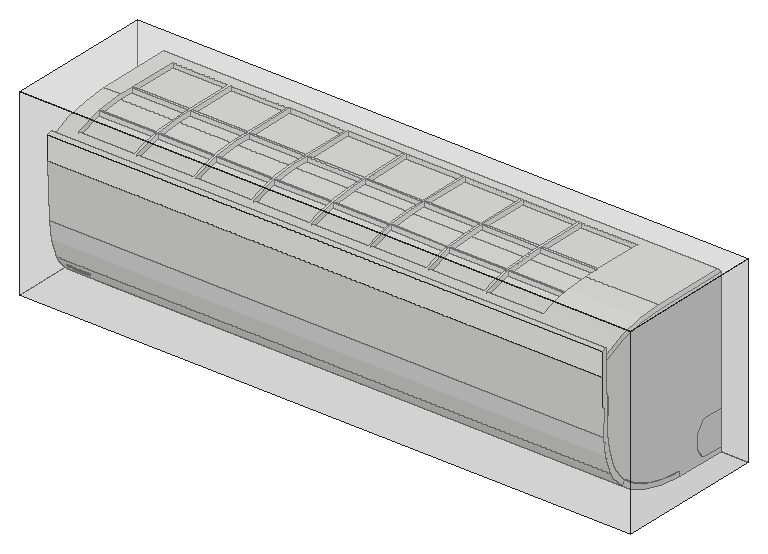
Revit family "outputfile", category 機械設備, Revit 2024 (continued)
Definition of nested family "DAIKIN_indoorunit_CTXF-TVMA"
  Automatic sketch dimensions
    Extrusion 21 sketch curve to Extrusion 21 sketch curve = 4.137 mm
    Extrusion 21 sketch curve to Extrusion 21 sketch curve = 31.393 mm
    Extrusion 21 sketch curve to Extrusion 21 sketch curve = 9.215 mm
    Extrusion 21 sketch curve to level = 8.0 mm
    Extrusion 22 sketch curve to plane 1 "Center (Front/Back)" = 0.0 mm
    Extrusion 22 sketch curve to Extrusion 22 sketch curve = 20.0 mm  (x2)
    Extrusion 22 sketch curve to level = 287.035 mm
    Extrusion 23 sketch curve to plane 1 "Center (Front/Back)" = 0.0 mm
    Extrusion 23 sketch curve to Extrusion 23 sketch curve = 20.0 mm  (x2)
    Extrusion 23 sketch curve to level = 287.035 mm
    plane 1 "Center (Front/Back)" to Extrusion 24 sketch curve = 0.0 mm  (x2)
    plane 3 "Center (Left/Right)" to Extrusion 24 sketch curve = 469.0 mm
    Extrusion 24 sketch curve to Extrusion 24 sketch curve = 20.0 mm  (x4)
    Extrusion 24 sketch curve to plane 3 "Center (Left/Right)" = 409.0 mm
  Nested families
    nested 1: "daikin_logo_plane_w40" at (-320, -198.871, -233.244) x (1, 0, 0) z (0, -0.7841, -0.6206), visible <- "switch_unit1_20-35", type "daikin_logo_plane_w40"
      with show_logo yes
    nested 2: "daikin_logo_plane_w40" at (-430, -237.74, -233.244) x (1, 0, 0) z (0, -0.7841, -0.6206), visible <- "switch_unit1_50", type "daikin_logo_plane_w40"
      with show_logo yes
  Definition of nested family "daikin_logo_plane_w40"
    Parameters (values of type "daikin_logo_plane_w40")
      width = 40.0 mm
      show_logo [instance] = yes
      material = none
      height = 0.0 mm
      depth = 0.0 mm
      Default Elevation = 1219.2 mm
    Reference planes
      plane 1 "Center (Front/Back)": y = 0
      plane 2: z = 0
      plane 3 "Center (Left/Right)": x = 0
      plane 4: z = 2
      plane 5 "left": x = -19
      plane 6: x = 19
    Forms (mm)
      Extrusion 1, solid, visible <- "show_logo"
        sketch origin (-19, 0, 0) x (1, 0, 0) y (0, 1, 0)
          loop
            line (8.902, -1.878) -> (7.789, -6.332) -> (11.13, -6.332)
            arc (11.13, -6.332) -> (12.454, -6.064) -> (13.472, -5.176) r 2.642
            arc (13.472, -5.176) -> (13.92, -4.02) -> (13.767, -2.79) r 2.537
            arc (13.767, -2.79) -> (13.452, -2.342) -> (12.982, -2.06) r 1.321
            arc (12.982, -2.06) -> (12.063, -1.902) -> (11.13, -1.878) r 6.479
            line (11.13, -1.878) -> (8.902, -1.878)
          loop
            line (10.016, -5.441) -> (10.907, -5.441)
            arc (10.907, -5.441) -> (11.591, -4.983) -> (11.988, -4.261) r 1.742
            spline (11.988, -4.261) -> (12.01, -4.155) -> (12.027, -4.03) -> (12.037, -3.893) -> (12.037, -3.747) -> (12.026, -3.598) -> (12.002, -3.451) -> (11.962, -3.31) -> (11.905, -3.181) -> (11.829, -3.069) -> (11.731, -2.978) -> (11.61, -2.913) -> (11.464, -2.88)
            line (11.464, -2.88) -> (10.573, -2.88) -> (10.016, -5.441)
          loop
            line (13.58, -6.332) -> (14.805, -6.332) -> (15.223, -5.553) -> (16.977, -5.553) -> (17.144, -6.332) -> (19.149, -6.332) -> (18.258, -1.878) -> (16.03, -1.878) -> (13.58, -6.332)
          loop
            line (16.476, -3.214) -> (15.76, -4.551) -> (16.762, -4.551) -> (16.476, -3.214)
          loop
            line (19.705, -6.332) -> (21.599, -6.332) -> (22.712, -1.878) -> (20.819, -1.878) -> (19.705, -6.332)
          loop
            line (22.712, -6.332) -> (24.606, -6.332) -> (24.908, -5.122) -> (25.831, -6.332) -> (28.17, -6.332) -> (26.388, -3.994) -> (28.949, -1.878) -> (26.945, -1.878) -> (25.401, -3.153) -> (25.719, -1.878) -> (23.826, -1.878) -> (22.712, -6.332)
          loop
            line (29.84, -1.878) -> (28.615, -6.332) -> (30.62, -6.332) -> (31.734, -1.878) -> (29.84, -1.878)
          loop
            line (31.734, -6.332) -> (33.07, -6.332) -> (33.7, -3.814) -> (34.518, -6.332) -> (36.745, -6.332) -> (37.859, -1.878) -> (36.523, -1.878) -> (35.845, -4.589) -> (34.963, -1.878) -> (32.847, -1.878) -> (31.734, -6.332)
        from 0 to 2
      Extrusion 2, solid, visible <- "show_logo"
        sketch origin (-19, 0, 0) x (1, 0, 0) y (0, 1, 0)
          loop
            line (8.7, 0) -> (4.235, 0) -> (0, -3.879) -> (0, -8) -> (8.7, 0)
        from 0 to 2
      Extrusion 3, solid, visible <- "show_logo"
        sketch origin (-19, 0, 0) x (1, 0, 0) y (0, 1, 0)
          loop
            line (0, 0) -> (0, -3.879) -> (4.235, 0) -> (0, 0)
        from 0 to 2
    Dimensions and locks
      plane 4 to plane 2 = 2.0 mm
      equal spacing: plane 5 "left", plane 3 "Center (Left/Right)", plane 6
      locked: plane 5 "left" to plane 6 at 38
      aligned and locked: level to plane 2
      aligned and locked: Extrusion 3 to plane 1 "Center (Front/Back)"  (x2)
      aligned and locked: Extrusion 2 to plane 1 "Center (Front/Back)"  (x2)
      aligned and locked: plane 4 to Extrusion 1
      aligned and locked: plane 4 to Extrusion 3
      aligned and locked: plane 4 to Extrusion 2
      aligned and locked: Extrusion 3 to plane 5 "left"
      aligned and locked: Extrusion 2 to plane 5 "left"
    Automatic sketch dimensions
      Extrusion 1 sketch curve to Extrusion 1 sketch curve = 0.901 mm
      Extrusion 1 sketch curve to Extrusion 1 sketch curve = 1.559 mm
      Extrusion 1 sketch curve to Extrusion 1 sketch curve = 1.327 mm
      Extrusion 1 sketch curve to Extrusion 1 sketch curve = 2.145 mm
      Extrusion 1 sketch curve to Extrusion 1 sketch curve = 1.448 mm
      Extrusion 1 sketch curve to Extrusion 1 sketch curve = 2.116 mm
      Extrusion 1 sketch curve to Extrusion 1 sketch curve = 1.114 mm  (x4)
      Extrusion 1 sketch curve to Extrusion 1 sketch curve = 1.336 mm  (x2)
      plane 1 "Center (Front/Back)" to Extrusion 1 sketch curve = 1.878 mm  (x5)
      Extrusion 1 sketch curve to Extrusion 1 sketch curve = 1.893 mm  (x5)
      Extrusion 1 sketch curve to Extrusion 1 sketch curve = 0.891 mm  (x4)
      Extrusion 1 sketch curve to Extrusion 1 sketch curve = 2.005 mm  (x3)
      Extrusion 1 sketch curve to Extrusion 1 sketch curve = 0.445 mm  (x2)
      plane 1 "Center (Front/Back)" to Extrusion 1 sketch curve = 3.994 mm
      Extrusion 1 sketch curve to Extrusion 1 sketch curve = 0.557 mm  (x2)
      Extrusion 1 sketch curve to Extrusion 1 sketch curve = 2.339 mm  (x2)
      Extrusion 1 sketch curve to Extrusion 1 sketch curve = 1.225 mm  (x3)
      plane 1 "Center (Front/Back)" to Extrusion 1 sketch curve = 3.153 mm
      Extrusion 1 sketch curve to Extrusion 1 sketch curve = 0.987 mm
      plane 1 "Center (Front/Back)" to Extrusion 1 sketch curve = 5.122 mm
      Extrusion 1 sketch curve to Extrusion 1 sketch curve = 0.922 mm
      plane 1 "Center (Front/Back)" to Extrusion 1 sketch curve = 6.332 mm
      Extrusion 1 sketch curve to Extrusion 1 sketch curve = 2.562 mm
      plane 1 "Center (Front/Back)" to Extrusion 1 sketch curve = 5.553 mm
      Extrusion 1 sketch curve to Extrusion 1 sketch curve = 0.167 mm
      Extrusion 1 sketch curve to Extrusion 1 sketch curve = 0.215 mm
      plane 1 "Center (Front/Back)" to Extrusion 1 sketch curve = 3.214 mm
      Extrusion 1 sketch curve to Extrusion 1 sketch curve = 0.286 mm
      plane 1 "Center (Front/Back)" to Extrusion 1 sketch curve = 4.551 mm
      Extrusion 1 sketch curve to Extrusion 1 sketch curve = 1.002 mm
      Extrusion 1 sketch curve to Extrusion 1 sketch curve = 0.537 mm
      Extrusion 1 sketch curve to Extrusion 1 sketch curve = 0.418 mm
      Extrusion 1 sketch curve to Extrusion 1 sketch curve = 1.028 mm
      plane 1 "Center (Front/Back)" to Extrusion 1 sketch curve = 4.261 mm
      Extrusion 1 sketch curve to Extrusion 1 sketch curve = 0.563 mm
      plane 1 "Center (Front/Back)" to Extrusion 1 sketch curve = 2.88 mm
      Extrusion 1 sketch curve to Extrusion 1 sketch curve = 1.088 mm
      Extrusion 1 sketch curve to Extrusion 1 sketch curve = 2.152 mm
      Extrusion 1 sketch curve to Extrusion 1 sketch curve = 0.586 mm
      Extrusion 1 sketch curve to Extrusion 1 sketch curve = 0.118 mm
      Extrusion 1 sketch curve to Extrusion 1 sketch curve = 0.298 mm
      Extrusion 1 sketch curve to Extrusion 1 sketch curve = 0.334 mm
      Extrusion 1 sketch curve to Extrusion 1 sketch curve = 0.223 mm
      Extrusion 1 sketch curve to Extrusion 1 sketch curve = 0.266 mm
      Extrusion 1 sketch curve to Extrusion 1 sketch curve = 1.671 mm
      Extrusion 1 sketch curve to Extrusion 1 sketch curve = 2.227 mm
      Extrusion 1 sketch curve to Extrusion 1 sketch curve = 0.0 mm  (x7)
      Extrusion 1 sketch curve to Extrusion 1 sketch curve = 3.453 mm
      Extrusion 1 sketch curve to Extrusion 1 sketch curve = 2.017 mm
      Extrusion 1 sketch curve to Extrusion 1 sketch curve = 0.78 mm  (x2)
      Extrusion 1 sketch curve to Extrusion 1 sketch curve = 1.743 mm
      Extrusion 1 sketch curve to Extrusion 1 sketch curve = 0.775 mm
      Extrusion 1 sketch curve to Extrusion 1 sketch curve = 0.552 mm
      Extrusion 1 sketch curve to Extrusion 1 sketch curve = 0.014 mm
      Extrusion 1 sketch curve to Extrusion 1 sketch curve = 0.952 mm
      Extrusion 1 sketch curve to Extrusion 1 sketch curve = 1.215 mm
      Extrusion 1 sketch curve to Extrusion 1 sketch curve = 0.108 mm
      plane 1 "Center (Front/Back)" to Extrusion 2 sketch curve = 0.0 mm
      Extrusion 2 sketch curve to plane 3 "Center (Left/Right)" = 19.0 mm
      Extrusion 2 sketch curve to plane 3 "Center (Left/Right)" = 14.765 mm
      Extrusion 2 sketch curve to Extrusion 2 sketch curve = 4.465 mm
      plane 1 "Center (Front/Back)" to Extrusion 2 sketch curve = 3.879 mm
      Extrusion 2 sketch curve to Extrusion 2 sketch curve = 4.12 mm
      plane 1 "Center (Front/Back)" to Extrusion 3 sketch curve = 0.0 mm
      Extrusion 3 sketch curve to plane 3 "Center (Left/Right)" = 19.0 mm
      Extrusion 3 sketch curve to plane 3 "Center (Left/Right)" = 14.765 mm
      plane 1 "Center (Front/Back)" to Extrusion 3 sketch curve = 3.879 mm
      Extrusion 1 sketch curve to plane 3 "Center (Left/Right)" = 11.211 mm
      Extrusion 1 sketch curve to Extrusion 1 sketch curve = 1.782 mm
Definition of nested family "daikin_connector_rotate3"
  Parameters (values of type "daikin_connector_rotate3")
    show [instance] = yes
    radius [instance] = 10.0 mm
    length [instance] = 600.0 mm
    angle_horizontal [instance] = 60.00°
    angle_vertical [instance] = 90.00°
    Default Elevation = 1219.2 mm
  Reference planes
    plane 1 "Center (Front/Back)": y = 0
    plane 2: z = 0
    plane 3 "Center (Left/Right)": x = 0
  Dimensions and locks
    "angle_horizontal": angle plane 3 "Center (Left/Right)" to nested 1
    aligned and locked: level to plane 2
    aligned and locked: plane 1 "Center (Front/Back)" to nested 1  (x2)
    aligned and locked: plane 3 "Center (Left/Right)" to nested 1
  Nested families
    nested 1: "daikin_connector_rotate2" at (0, 0, 0) x (0.5, 0.866, 0) z (0, 0, 1), angle_vertical <- "angle_vertical", length <- "length", radius <- "radius", type "daikin_connector_rotate2"
      with radius 10.0 mm, length 600.0 mm, angle_vertical 90.00°
  Definition of nested family "daikin_connector_rotate2"
    Parameters (values of type "daikin_connector_rotate2")
      show_face = yes
      radius [instance] = 10.0 mm
      length [instance] = 600.0 mm
      d_surface = 10.0 mm
      angle_vertical [instance] = 90.00°
      Default Elevation = 0.0 mm
    Reference planes
      plane 1 "Center (Front/Back)": y = 0
      plane 2: z = 0
      plane 3 "Center (Left/Right)": x = 0
    Forms (mm)
      Extrusion 1, solid, visible <- "show_face"
        sketch origin (0, -600, 0) x (1, 0, 0) y (0, 0, 1)
          loop
            circle (0, 0) r 10
        from 0 to -10
    Lines and regions (mm)
      reference lines
        curve 1: line (0, 0, 0) -> (0, -600, 0)
      symbolic lines
        curve 2: circle (0, 0, 0) r 5 normal (0, 0, 1)
      model lines, visible <- "show_face"
        curve 3: line (0, 0, 0) -> (0, -600, 0)
    Dimensions and locks
      "length": curve 1 to curve 1
      "length": curve 3 to curve 3
      "d_surface": Extrusion 1 to Extrusion 1
      "radius": radius of Extrusion 1 sketch curve
      "angle_vertical": angle curve 1 to plane 1 "Center (Front/Back)"
      "angle_vertical": angle curve 3 to plane 1 "Center (Front/Back)"
      aligned and locked: level to plane 2
      aligned and locked: plane 1 "Center (Front/Back)" to curve 1
      aligned and locked: plane 2 to curve 1
      aligned and locked: plane 1 "Center (Front/Back)" to curve 2
      aligned and locked: plane 3 "Center (Left/Right)" to curve 2
      aligned and locked: plane 1 "Center (Front/Back)" to curve 3
      aligned and locked: plane 2 to curve 3
      aligned and locked: Extrusion 1 to Extrusion 1
    Automatic sketch dimensions
      Extrusion 1 sketch curve to level = 0.0 mm
      Extrusion 1 sketch curve to plane 3 "Center (Left/Right)" = 0.0 mm
      radius of curve 2 = 5.0 mm
